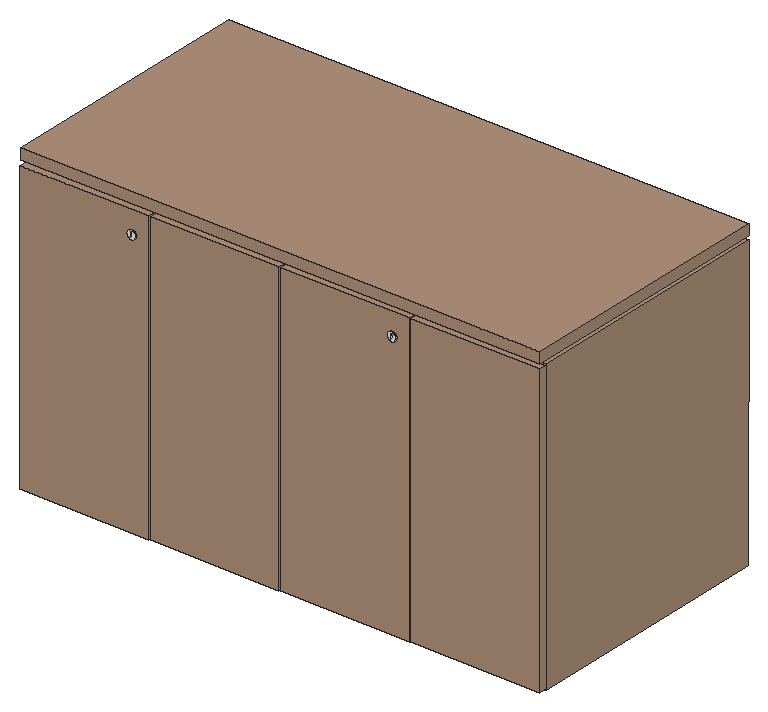
Revit family "Returns_&_Credenzas-Teknion-B_ZFS_Credenza_With_Doors-R2019", category Furniture, Revit 2019
Family settings
  OmniClass Number = 23.40.20.00
  OmniClass Title = General Furniture and Specialties
  Work Plane-Based = No
  Always vertical = Yes
  Cut with Voids When Loaded = No
  Shared = Yes
  Room Calculation Point = No
Parameters (values of type "1" Worksurface Thickness, Touch-to-Open")
  Worksurface Thickness = 1.016"
  Worksurface Finish [instance] = Source Laminate - Teknion - 3M - Provincial Oak
  Width [instance] = 48.000"
  Warranty = "http://www.teknion.com/ca/papers/legal-canada"
  Unit Weight URL = "http://www.teknion.com/ca/tools/assets#&asset=bee6a381-b954-425e-8283-5a2de3a804f2,f828d448-4b62-4231-9e5f-9a8991c0ed77"
  URL = "www.teknion.com"
  Touch Open = not(Pulls)  # yes
  To render please download texture images found here [instance] = "https://assets.teknion.com/web/5e81352c1dfdb467/revit-material-swatches/"
  Sustainability Data = "https://www.teknion.com/ca/tools/assets#&topic=216f99a5-57a0-44fc-b10a-9dee9b29ae4c&asset=444deb64-fe58-4b68-981e-f75e97781df7,b4ff2d81-9f2e-437d-9659-7cffb09c31cf"
  Series = "Expansion Casegoods"  # constant formula
  Rectangular Grommet [instance] = no
  Pulls = no
  Pull Finish [instance] = Paint - Teknion - Mica - Platinum
  Product Page URL = "https://www.teknion.com/ca/products/product-details?productlineid=0053336e-8e7a-673b-a6c8-ff00004460c4"
  Product Line = "Expansion Casegoods"  # constant formula
  Product Documentation Link = "https://www.teknion.com/pricing/expansion-casegoods/pdfs/B_ZFS_ppg.pdf"
  Part Number = "B_ZFS"
  No Grommet Option [instance] = yes
  Model = "BDZFST_____"
  Manufacturer Phone = "416-661-3370"  # constant formula
  Manufacturer Fax = "416.661.4586"  # constant formula
  Manufacturer Contact Information = "http://www.teknion.com/ca/contactus"
  Manufacturer Address = "1150 Flint Road, Toronto, ON. M3J 2J5. Canada"  # constant formula
  Manufacturer = "Teknion"  # constant formula
  How To Use Teknion Materials User Guide [instance] = "https://assets.teknion.com/m/205dd0a49fa58060/original/How-to-add-a-Material-Library-and-Texture-Images-to-your-Revit-project.pdf"
  Grommet Options [instance] = "Select one of the options below"  # constant formula
  Grommet Finish [instance] = Paint - Teknion - Mica - Platinum
  For Additional Finishes please visit [instance] = "https://assets.teknion.com/m/44a8009b046e5d47/original/Teknion_Materials_Library.zip"
  Elliptical Grommet [instance] = no
  Door Front Finish [instance] = Source Laminate - Teknion - 3M - Provincial Oak
  Description = "Credenza with Doors, 1\" Worksurface Depth, Touch-to-Open"
  Depth [instance] = 24.000"
  Case Finish [instance] = Source Laminate - Teknion - 3M - Provincial Oak
  Back Grommet [instance] = not(No Grommet Option)  # no
  Available Widths [instance] = "48\", 54\", 60\", 66\", 72\", 78\", or 84\""  # constant formula
  Available Depths [instance] = "18\", or 24\""  # constant formula
  Assembly Code = "E2020200"
  Actual Width [instance] = if(Width = 48.000", 47.760", if(Width = 54.000", 53.728", if(Width = 60.000", 59.701", if(Width = 66.000", 65.669", if(Width = 72.000", 71.642", if(Width = 78.000", 77.610", 83.579"))))))  # 47.760"
  6 Pulls [instance] = and(Pulls, [6 Doors])  # no
  6 Doors [instance] = not([4 Doors])  # no
  4 Pulls [instance] = and(Pulls, [4 Doors])  # no
  4 Doors [instance] = not(or(Width = 78.000", Width = 84.000"))  # yes
Types (7): name | Worksurface Thickness | Width | Touch Open | Pulls | Model | Description | Depth | Actual Width | 6 Pulls | 6 Doors | 4 Pulls | 4 Doors
  (no name) | 1.016" | 48.000" | yes | no | "BDZFST_____" | "Credenza with Doors, 1\" Worksurface Depth, Touch-to-Open" | 24.000" | 47.760" | no | no | no | yes
  1" Worksurface Thickness, Pulls | 1.016" | 84.000" | no | yes | "BDZFSP_____" | "Credenza with Doors, 1\" Worksurface Thickness, Pulls" | 24.000" | 83.579" | yes | yes | no | no
  1" Worksurface Thickness, Touch-to-Open | 1.016" | 48.000" | yes | no | "BDZFST_____" | "Credenza with Doors, 1\" Worksurface Depth, Touch-to-Open" | 24.000" | 47.760" | no | no | no | yes
  1 3/16" Worksurface Thickness, Pulls | 1.189" | 48.000" | no | yes | "BMZFSP_____" | "Credenza with Doors, 1 3/16\" Worksurface Thickness, Pulls" | 18.000" | 47.760" | no | no | yes | yes
  1 3/16" Worksurface Thickness, Touch-to-Open | 1.189" | 84.000" | yes | no | "BMZFST_____" | "Credenza with Doors, 1 3/16\" Worksurface Thickness, Touch-to-Open" | 24.000" | 83.579" | no | yes | no | no
  1 9/16" Worksurface Thickness, Pulls | 1.555" | 84.000" | no | yes | "BXZFSP_____" | "Credenza with Doors, 1 9/16\" Worksurface Thickness, Pulls" | 24.000" | 83.579" | yes | yes | no | no
  1 9/16" Worksurface Thickness, Touch-to-Open | 1.555" | 84.000" | yes | no | "BXZFST_____" | "Credenza with Doors, 1 9/16\" Worksurface Thickness, Touch-to-Open" | 24.000" | 83.579" | no | yes | no | no
Reference planes (in)
  plane 1 "Center Front/Back": y = 0
  plane 2: z = 0
  plane 3 "Center Left/Right": x = 0
  plane 4 "Left": x = -23.88
  plane 5 "Right": x = 23.88
  plane 6 "Back": y = 12
  plane 7 "Front": y = -12
  plane 8 "Top": z = 28.823
  plane 9: x = -11.9695
  plane 10: x = 11.9695
  plane 11: x = -7.97967
  plane 12: x = 7.97967
  plane 13: x = 15.95933
  plane 14: x = -15.95933
  plane 15: x = -23.939
  plane 16: x = 23.939
  plane 17: z = 27.807
Forms (in)
  Sweep 1, solid
    path origin (0, 0, 0) x (1, 0, 0) y (0, 0, 1)
      loop
        line (0, 0.60236) -> (0, 0)
    profile origin (0, 0, 0.30118) x (0, -1, 0) y (1, 0, 0)
      loop
        circle (10.37402, -22.62003) r 0.5
      loop
        circle (-10.70079, -22.62003) r 0.5
      loop
        circle (10.37402, 22.62003) r 0.5
      loop
        circle (-10.70079, 22.62003) r 0.5
      loop
        circle (10.37402, 0) r 0.5
      loop
        circle (-10.70079, 0) r 0.5
  Sweep 2, solid, material "Source Laminate - Teknion - 3M - Provincial Oak" <- "Case Finish"
    path origin (0, 0, 0) x (1, 0, 0) y (0, 0, 1)
      loop
        line (0, 0.60236) -> (0, 27.48031)
    profile origin (0, 0, 14.04134) x (-1, 0, 0) y (0, -1, 0)
      loop
        line (-23.88, 11.16142) -> (-23.88, -12) -> (23.88, -12) -> (23.88, 11.16142) -> (-23.88, 11.16142)
  Sweep 3, solid, material "Source Laminate - Teknion - 3M - Provincial Oak" <- "Case Finish"
    path origin (0, 0, 0) x (1, 0, 0) y (0, 0, 1)
      loop
        line (0, 27.48031) -> (0, 27.80709)
    profile origin (0, 0, 27.6437) x (-1, 0, 0) y (0, -1, 0)
      loop
        line (23.17908, -11.29921) -> (23.17908, 11.29921) -> (-23.17908, 11.29921) -> (-23.17908, -11.29921) -> (23.17908, -11.29921)
  Sweep 4, solid, material "Source Laminate - Teknion - 3M - Provincial Oak" <- "Door Front Finish", visible <- "6 Doors"
    path origin (0, 0, 0) x (1, 0, 0) y (0, 1, 0)
      loop
        line (0, -12) -> (0, -11.29921)
    profile origin (0, -11.64961, 0) x (-1, 0, 0) y (0, 0, 1)
      loop
        line (23.88, 27.36221) -> (16.01834, 27.36221) -> (16.01834, 0.72047) -> (23.88, 0.72047) -> (23.88, 27.36221)
      loop
        line (15.90023, 0.72047) -> (15.90023, 27.36221) -> (8.0387, 27.36221) -> (8.0387, 0.72047) -> (15.90023, 0.72047)
      loop
        line (7.92059, 27.36221) -> (0.05906, 27.36221) -> (0.05906, 0.72047) -> (7.92059, 0.72047) -> (7.92059, 27.36221)
      loop
        line (-23.88, 27.36221) -> (-23.88, 0.72047) -> (-16.01834, 0.72047) -> (-16.01834, 27.36221) -> (-23.88, 27.36221)
      loop
        line (-15.90023, 0.72047) -> (-8.0387, 0.72047) -> (-8.0387, 27.36221) -> (-15.90023, 27.36221) -> (-15.90023, 0.72047)
      loop
        line (-7.92059, 27.36221) -> (-7.92059, 0.72047) -> (-0.05906, 0.72047) -> (-0.05906, 27.36221) -> (-7.92059, 27.36221)
  Sweep 5, solid, material "Source Laminate - Teknion - 3M - Provincial Oak" <- "Worksurface Finish"
    path origin (0, 0, 0) x (1, 0, 0) y (0, 0, 1)
      loop
        line (0, 27.807) -> (0, 28.823)
    profile origin (0, 0, 28.315) x (-1, 0, 0) y (0, -1, 0)
      loop
        line (23.88, -12) -> (23.88, 12) -> (-23.88, 12) -> (-23.88, -12) -> (23.88, -12)
  Sweep 6, solid, material "Paint - Teknion - Mica - Platinum" <- "Pull Finish", visible <- "6 Pulls"
    path origin (0, 0, 0) x (1, 0, 0) y (0, 0, 1)
      loop
        line (0, 26.84252) -> (0, 27.34252)
    profile origin (0, 0, 27.09252) x (-1, 0, 0) y (0, -1, 0)
      loop
        line (19.35928, 12) -> (19.35928, 12.75197) -> (16.0774, 12.75197) -> (16.0774, 12) -> (19.35928, 12)
      loop
        line (15.84118, 12) -> (15.84118, 12.75197) -> (12.55928, 12.75197) -> (12.55928, 12) -> (15.84118, 12)
      loop
        line (3.39995, 12) -> (3.39995, 12.75197) -> (0.11806, 12.75197) -> (0.11806, 12) -> (3.39995, 12)
      loop
        line (-0.11816, 12) -> (-0.11816, 12.75197) -> (-3.40005, 12.75197) -> (-3.40005, 12) -> (-0.11816, 12)
      loop
        line (-12.55938, 12) -> (-12.55938, 12.75197) -> (-15.84127, 12.75197) -> (-15.84127, 12) -> (-12.55938, 12)
      loop
        line (-16.07749, 12) -> (-16.07749, 12.75197) -> (-19.35938, 12.75197) -> (-19.35938, 12) -> (-16.07749, 12)
  Sweep 7, solid, material "Metal - Teknion - C6 - Chrome", visible <- "6 Doors"
    path origin (0, 0, 0) x (1, 0, 0) y (0, 1, 0)
      loop
        line (0, -12.05905) -> (0, -12)
    profile origin (0, -12.02953, 0) x (-1, 0, 0) y (0, 0, 1)
      loop
        circle (17.59314, 25.31496) r 0.3937
      loop
        line (17.64236, 25.50197) -> (17.54393, 25.50197) -> (17.54393, 25.12795) -> (17.64236, 25.12795) -> (17.64236, 25.50197)
      loop
        circle (1.63381, 25.31496) r 0.3937
      loop
        line (1.68302, 25.50197) -> (1.5846, 25.50197) -> (1.5846, 25.12795) -> (1.68302, 25.12795) -> (1.68302, 25.50197)
      loop
        circle (-14.32552, 25.31496) r 0.3937
      loop
        line (-14.27631, 25.50197) -> (-14.37474, 25.50197) -> (-14.37474, 25.12795) -> (-14.27631, 25.12795) -> (-14.27631, 25.50197)
  Sweep 8, solid, material "Paint - Teknion - Mica - Platinum" <- "Pull Finish", visible <- "4 Pulls"
    path origin (0, 0, 0) x (1, 0, 0) y (0, 0, 1)
      loop
        line (0, 26.84252) -> (0, 27.34252)
    profile origin (0, 0, 27.09252) x (-1, 0, 0) y (0, -1, 0)
      loop
        line (8.56949, 12.75197) -> (8.56949, 12) -> (11.85138, 12) -> (11.85138, 12.75197) -> (8.56949, 12.75197)
      loop
        line (12.0876, 12.75197) -> (12.0876, 12) -> (15.36949, 12) -> (15.36949, 12.75197) -> (12.0876, 12.75197)
      loop
        line (-8.56949, 12.75197) -> (-11.85138, 12.75197) -> (-11.85138, 12) -> (-8.56949, 12) -> (-8.56949, 12.75197)
      loop
        line (-12.0876, 12.75197) -> (-15.36949, 12.75197) -> (-15.36949, 12) -> (-12.0876, 12) -> (-12.0876, 12.75197)
  Sweep 9, solid, material "Source Laminate - Teknion - 3M - Provincial Oak" <- "Door Front Finish", visible <- "4 Doors"
    path origin (0, 0, 0) x (1, 0, 0) y (0, 1, 0)
      loop
        line (0, -12) -> (0, -11.29921)
    profile origin (0, -11.64961, 0) x (-1, 0, 0) y (0, 0, 1)
      loop
        line (23.88, 27.36221) -> (12.02854, 27.36221) -> (12.02854, 0.72047) -> (23.88, 0.72047) -> (23.88, 27.36221)
      loop
        line (11.91043, 27.36221) -> (0.05906, 27.36221) -> (0.05906, 0.72047) -> (11.91043, 0.72047) -> (11.91043, 27.36221)
      loop
        line (-23.88, 27.36221) -> (-23.88, 0.72047) -> (-12.02854, 0.72047) -> (-12.02854, 27.36221) -> (-23.88, 27.36221)
      loop
        line (-11.91043, 27.36221) -> (-11.91043, 0.72047) -> (-0.05906, 0.72047) -> (-0.05906, 27.36221) -> (-11.91043, 27.36221)
  Sweep 10, solid, material "Metal - Teknion - C6 - Chrome", visible <- "4 Doors"
    path origin (0, 0, 0) x (1, 0, 0) y (0, 1, 0)
      loop
        line (0, -12.05905) -> (0, -12)
    profile origin (0, -12.02953, 0) x (-1, 0, 0) y (0, 0, 1)
      loop
        circle (13.60335, 25.31496) r 0.3937
      loop
        line (13.65256, 25.50197) -> (13.55413, 25.50197) -> (13.55413, 25.12795) -> (13.65256, 25.12795) -> (13.65256, 25.50197)
      loop
        circle (-10.33563, 25.31496) r 0.3937
      loop
        line (-10.28642, 25.50197) -> (-10.38484, 25.50197) -> (-10.38484, 25.12795) -> (-10.28642, 25.12795) -> (-10.28642, 25.50197)
  Sweep 11, solid, material "Paint - Teknion - Mica - Platinum" <- "Grommet Finish", visible <- "Rectangular Grommet"
    path origin (0, 0, 0) x (1, 0, 0) y (0, 0, 1)
      loop
        line (0, 28.98031) -> (0, 28.823)
    profile origin (0, 0, 28.90166) x (0, -1, 0) y (1, 0, 0)
      loop
        line (-10.10707, -18.40094) -> (-7.26301, -18.40094) -> (-7.26301, -15.55271) -> (-10.10707, -15.55271) -> (-10.10707, -18.40094)
      loop
        line (-10.10707, 19.3588) -> (-7.26301, 19.3588) -> (-7.26301, 22.20703) -> (-10.10707, 22.20703) -> (-10.10707, 19.3588)
  Sweep 12, solid, material "Paint - Teknion - Mica - Platinum" <- "Grommet Finish", visible <- "Rectangular Grommet"
    path origin (0, 0, 0) x (1, 0, 0) y (0, 0, 1)
      loop
        line (0, 28.82309) -> (0, 28.98031)
    profile origin (0, 0, 28.9017) x (-1, 0, 0) y (0, -1, 0)
      loop
        line (22.20703, -10.10707) -> (22.20703, -7.26301) -> (18.40094, -7.26301) -> (18.40094, -8.47237) -> (20.67955, -8.47237) -> (20.67955, -8.89771) -> (18.40094, -8.89771) -> (18.40094, -10.10707) -> (22.20703, -10.10707)
      loop
        line (-15.55271, -10.10707) -> (-15.55271, -7.26301) -> (-19.3588, -7.26301) -> (-19.3588, -8.47237) -> (-17.08019, -8.47237) -> (-17.08019, -8.89771) -> (-19.3588, -8.89771) -> (-19.3588, -10.10707) -> (-15.55271, -10.10707)
  Sweep 13, solid, material "Paint - Teknion - Mica - Platinum" <- "Grommet Finish", visible <- "Elliptical Grommet"
    path origin (0, 0, 0) x (1, 0, 0) y (0, 0, 1)
      loop
        line (0, 28.94784) -> (0, 28.823)
    profile origin (0, 0, 28.88542) x (0, -1, 0) y (1, 0, 0)
      loop
        spline (-8.68504, -16.01365) -> (-9.00856, -16.11132) -> (-9.31004, -16.39767) -> (-9.56892, -16.85318) -> (-9.76757, -17.44682) -> (-9.89245, -18.13813) -> (-9.93504, -18.88) -> (-9.89245, -19.62187) -> (-9.76757, -20.31318) -> (-9.56892, -20.90682) -> (-9.31004, -21.36233) -> (-9.00856, -21.64868) -> (-8.68504, -21.74635)
        spline (-8.68504, -21.74635) -> (-8.36152, -21.64868) -> (-8.06004, -21.36233) -> (-7.80116, -20.90682) -> (-7.60251, -20.31318) -> (-7.47763, -19.62187) -> (-7.43504, -18.88) -> (-7.47763, -18.13813) -> (-7.60251, -17.44682) -> (-7.80116, -16.85318) -> (-8.06004, -16.39767) -> (-8.36152, -16.11132) -> (-8.68504, -16.01365)
      loop
        line (-8.26293, -19.52947) -> (-7.89191, -20.77428) -> (-7.6194, -19.52119) -> (-7.6194, -18.23881) -> (-7.89191, -16.98572) -> (-8.26293, -18.23053) -> (-8.26293, -19.52947)
      loop
        line (-9.47817, -20.77428) -> (-9.10715, -19.52947) -> (-9.10715, -18.23053) -> (-9.47817, -16.98572) -> (-9.75068, -18.23881) -> (-9.75068, -19.52119) -> (-9.47817, -20.77428)
      loop
        spline (-8.68504, 16.01365) -> (-8.36152, 16.11132) -> (-8.06004, 16.39767) -> (-7.80116, 16.85318) -> (-7.60251, 17.44682) -> (-7.47763, 18.13813) -> (-7.43504, 18.88) -> (-7.47763, 19.62187) -> (-7.60251, 20.31318) -> (-7.80116, 20.90682) -> (-8.06004, 21.36233) -> (-8.36152, 21.64868) -> (-8.68504, 21.74635)
        spline (-8.68504, 21.74635) -> (-9.00856, 21.64868) -> (-9.31004, 21.36233) -> (-9.56892, 20.90682) -> (-9.76757, 20.31318) -> (-9.89245, 19.62187) -> (-9.93504, 18.88) -> (-9.89245, 18.13813) -> (-9.76757, 17.44682) -> (-9.56892, 16.85318) -> (-9.31004, 16.39767) -> (-9.00856, 16.11132) -> (-8.68504, 16.01365)
      loop
        line (-8.26293, 19.52947) -> (-8.26293, 18.23053) -> (-7.89191, 16.98572) -> (-7.6194, 18.23881) -> (-7.6194, 19.52119) -> (-7.89191, 20.77428) -> (-8.26293, 19.52947)
      loop
        line (-9.47817, 20.77428) -> (-9.75068, 19.52119) -> (-9.75068, 18.23881) -> (-9.47817, 16.98572) -> (-9.10715, 18.23053) -> (-9.10715, 19.52947) -> (-9.47817, 20.77428)
  Sweep 14, solid, material "Paint - Teknion - Mica - Platinum" <- "Grommet Finish", visible <- "Back Grommet"
    path origin (0, 0, 0) x (1, 0, 0) y (0, 1, 0)
      loop
        line (-19.42908, 12) -> (-19.42908, 12.125)
    profile origin (-19.42908, 12.0625, 0) x (-1, 0, 0) y (0, 0, 1)
      loop
        spline (-36.14336, 22.0315) -> (-36.24103, 22.33647) -> (-36.52738, 22.62065) -> (-36.9829, 22.86469) -> (-37.57654, 23.05194) -> (-38.26785, 23.16966) -> (-39.00971, 23.20981) -> (-39.75158, 23.16966) -> (-40.44289, 23.05194) -> (-41.03653, 22.86469) -> (-41.49205, 22.62065) -> (-41.7784, 22.33647) -> (-41.87607, 22.0315)
        spline (-41.87607, 22.0315) -> (-41.7784, 21.72653) -> (-41.49205, 21.44234) -> (-41.03653, 21.1983) -> (-40.44289, 21.01105) -> (-39.75158, 20.89334) -> (-39.00971, 20.85319) -> (-38.26785, 20.89334) -> (-37.57654, 21.01105) -> (-36.9829, 21.1983) -> (-36.52738, 21.44234) -> (-36.24103, 21.72653) -> (-36.14336, 22.0315)
      loop
        arc (-40.904, 22.82462) -> (-39.00971, 22.45281) -> (-37.11543, 22.82462) r 5.01138
        arc (-37.11543, 22.82462) -> (-39.00971, 23.09809) -> (-40.904, 22.82462) r 6.6976
      loop
        arc (-40.904, 21.23837) -> (-39.00971, 20.96434) -> (-37.11543, 21.23837) r 6.68426
        arc (-37.11543, 21.23837) -> (-39.00971, 21.61052) -> (-40.904, 21.23837) r 5.0071
      loop
        spline (-2.71465, 22.0315) -> (-2.61698, 21.72653) -> (-2.33063, 21.44234) -> (-1.87511, 21.1983) -> (-1.28147, 21.01105) -> (-0.59016, 20.89334) -> (0.1517, 20.85319) -> (0.89357, 20.89334) -> (1.58488, 21.01105) -> (2.17852, 21.1983) -> (2.63404, 21.44234) -> (2.92039, 21.72653) -> (3.01806, 22.0315)
        spline (3.01806, 22.0315) -> (2.92039, 22.33647) -> (2.63404, 22.62065) -> (2.17852, 22.86469) -> (1.58488, 23.05194) -> (0.89357, 23.16966) -> (0.1517, 23.20981) -> (-0.59016, 23.16966) -> (-1.28147, 23.05194) -> (-1.87511, 22.86469) -> (-2.33063, 22.62065) -> (-2.61698, 22.33647) -> (-2.71465, 22.0315)
      loop
        arc (-1.74258, 22.82462) -> (0.1517, 22.45361) -> (2.04599, 22.82462) r 5.02133
        arc (2.04599, 22.82462) -> (0.1517, 23.09714) -> (-1.74258, 22.82462) r 6.71998
      loop
        arc (-1.74258, 21.23837) -> (0.1517, 20.96586) -> (2.04599, 21.23837) r 6.71998
        arc (2.04599, 21.23837) -> (0.1517, 21.60938) -> (-1.74258, 21.23837) r 5.02133
Lines and regions (in)
  Masking region 1
    outline origin (0, 0, 0) x (1, 0, 0) y (0, 1, 0)
      loop
        line (-23.88, 12) -> (-23.88, -12) -> (23.88, -12) -> (23.88, 12) -> (-23.88, 12)
  Masking region 2, visible <- "6 Pulls"
    outline origin (0, 0, 0) x (1, 0, 0) y (0, 1, 0)
      loop
        line (15.84127, -12) -> (12.55938, -12) -> (12.55938, -12.75197) -> (15.84127, -12.75197) -> (15.84127, -12)
      loop
        line (16.07749, -12.75197) -> (19.35938, -12.75197) -> (19.35938, -12) -> (16.07749, -12) -> (16.07749, -12.75197)
      loop
        line (0.11816, -12.75197) -> (3.40005, -12.75197) -> (3.40005, -12) -> (0.11816, -12) -> (0.11816, -12.75197)
      loop
        line (-3.39995, -12.75197) -> (-0.11806, -12.75197) -> (-0.11806, -12) -> (-3.39995, -12) -> (-3.39995, -12.75197)
      loop
        line (-19.35928, -12.75197) -> (-16.0774, -12.75197) -> (-16.0774, -12) -> (-19.35928, -12) -> (-19.35928, -12.75197)
      loop
        line (-15.84118, -12.75197) -> (-12.55928, -12.75197) -> (-12.55928, -12) -> (-15.84118, -12) -> (-15.84118, -12.75197)
  Masking region 3, visible <- "4 Pulls"
    outline origin (0, 0, 0) x (1, 0, 0) y (0, 1, 0)
      loop
        line (-15.36949, -12.75197) -> (-12.0876, -12.75197) -> (-12.0876, -12) -> (-15.36949, -12) -> (-15.36949, -12.75197)
      loop
        line (-11.85138, -12.75197) -> (-8.56949, -12.75197) -> (-8.56949, -12) -> (-11.85138, -12) -> (-11.85138, -12.75197)
      loop
        line (8.56949, -12.75197) -> (11.85138, -12.75197) -> (11.85138, -12) -> (8.56949, -12) -> (8.56949, -12.75197)
      loop
        line (12.0876, -12.75197) -> (15.36949, -12.75197) -> (15.36949, -12) -> (12.0876, -12) -> (12.0876, -12.75197)
  Masking region 4, visible <- "Rectangular Grommet"
    outline origin (0, 0, 0) x (1, 0, 0) y (0, 1, 0)
      loop
        line (15.55271, 10.10707) -> (15.55271, 7.26301) -> (19.3588, 7.26301) -> (19.3588, 8.47237) -> (17.08019, 8.47237) -> (17.08019, 8.89771) -> (19.3588, 8.89771) -> (19.3588, 10.10707) -> (15.55271, 10.10707)
      loop
        line (-22.20703, 10.10707) -> (-22.20703, 7.26301) -> (-18.40094, 7.26301) -> (-18.40094, 8.47237) -> (-20.67955, 8.47237) -> (-20.67955, 8.89771) -> (-18.40094, 8.89771) -> (-18.40094, 10.10707) -> (-22.20703, 10.10707)
  Masking region 5, visible <- "Rectangular Grommet"
    outline origin (0, 0, 0) x (1, 0, 0) y (0, 1, 0)
      loop
        line (-18.40094, 7.26301) -> (-15.55271, 7.26301) -> (-15.55271, 10.10707) -> (-18.40094, 10.10707) -> (-18.40094, 7.26301)
      loop
        line (22.20703, 7.26301) -> (22.20703, 10.10707) -> (19.3588, 10.10707) -> (19.3588, 7.26301) -> (22.20703, 7.26301)
  Masking region 6, visible <- "Elliptical Grommet"
    outline origin (0, 0, 0) x (1, 0, 0) y (0, 1, 0)
      loop
        spline (-16.01365, 8.68504) -> (-16.11132, 9.00856) -> (-16.39767, 9.31004) -> (-16.85318, 9.56892) -> (-17.44682, 9.76757) -> (-18.13813, 9.89245) -> (-18.88, 9.93504) -> (-19.62187, 9.89245) -> (-20.31318, 9.76757) -> (-20.90682, 9.56892) -> (-21.36233, 9.31004) -> (-21.64868, 9.00856) -> (-21.74635, 8.68504)
        spline (-21.74635, 8.68504) -> (-21.64868, 8.36152) -> (-21.36233, 8.06004) -> (-20.90682, 7.80116) -> (-20.31318, 7.60251) -> (-19.62187, 7.47763) -> (-18.88, 7.43504) -> (-18.13813, 7.47763) -> (-17.44682, 7.60251) -> (-16.85318, 7.80116) -> (-16.39767, 8.06004) -> (-16.11132, 8.36152) -> (-16.01365, 8.68504)
      loop
        spline (16.01365, 8.68504) -> (16.11132, 8.36152) -> (16.39767, 8.06004) -> (16.85318, 7.80116) -> (17.44682, 7.60251) -> (18.13813, 7.47763) -> (18.88, 7.43504) -> (19.62187, 7.47763) -> (20.31318, 7.60251) -> (20.90682, 7.80116) -> (21.36233, 8.06004) -> (21.64868, 8.36152) -> (21.74635, 8.68504)
        spline (21.74635, 8.68504) -> (21.64868, 9.00856) -> (21.36233, 9.31004) -> (20.90682, 9.56892) -> (20.31318, 9.76757) -> (19.62187, 9.89245) -> (18.88, 9.93504) -> (18.13813, 9.89245) -> (17.44682, 9.76757) -> (16.85318, 9.56892) -> (16.39767, 9.31004) -> (16.11132, 9.00856) -> (16.01365, 8.68504)
      loop
        line (18.23053, 9.10715) -> (19.52947, 9.10715) -> (20.77428, 9.47817) -> (19.52119, 9.75068) -> (18.23881, 9.75068) -> (16.98572, 9.47817) -> (18.23053, 9.10715)
      loop
        line (16.98572, 7.89191) -> (18.23881, 7.6194) -> (19.52119, 7.6194) -> (20.77428, 7.89191) -> (19.52947, 8.26293) -> (18.23053, 8.26293) -> (16.98572, 7.89191)
      loop
        line (-19.52947, 9.10715) -> (-18.23053, 9.10715) -> (-16.98572, 9.47817) -> (-18.23881, 9.75068) -> (-19.52119, 9.75068) -> (-20.77428, 9.47817) -> (-19.52947, 9.10715)
      loop
        line (-20.77428, 7.89191) -> (-19.52119, 7.6194) -> (-18.23881, 7.6194) -> (-16.98572, 7.89191) -> (-18.23053, 8.26293) -> (-19.52947, 8.26293) -> (-20.77428, 7.89191)
  Masking region 7, visible <- "Back Grommet"
    outline origin (0, 0, 0) x (1, 0, 0) y (0, 1, 0)
      loop
        line (-22.44714, 12.125) -> (-22.44714, 12) -> (-16.71397, 12) -> (-16.71397, 12.125) -> (-22.44714, 12.125)
      loop
        line (22.44698, 12.125) -> (16.71428, 12.125) -> (16.71428, 12) -> (22.44698, 12) -> (22.44698, 12.125)
  symbolic lines, style "FurnitureHiddenLines", detail levels medium+fine
    curve 1: line (-23.17908, 11.29921, 0) -> (-23.17908, -11.29921, 0)
    curve 2: line (23.17908, -11.29921, 0) -> (23.17908, 11.29921, 0)
    curve 3: line (23.17908, 11.29921, 0) -> (-23.17908, 11.29921, 0)
    curve 4: line (-23.88, -11.16142, 0) -> (23.88, -11.16142, 0)
  symbolic lines, style "FurnitureHiddenLines", detail levels fine
    curve 5: arc (-22.62003, -10.87402, 0) -> (-22.12003, -10.37402, 0) -> (-22.62003, -9.87402, 0) r 0.5
    curve 6: arc (-22.62003, -9.87402, 0) -> (-23.12003, -10.37402, 0) -> (-22.62003, -10.87402, 0) r 0.5
    curve 7: arc (-22.62003, 10.20079, 0) -> (-22.12003, 10.70079, 0) -> (-22.62003, 11.20079, 0) r 0.5
    curve 8: arc (-22.62003, 11.20079, 0) -> (-23.12003, 10.70079, 0) -> (-22.62003, 10.20079, 0) r 0.5
    curve 9: arc (0, 11.20079, 0) -> (-0.5, 10.70079, 0) -> (0, 10.20079, 0) r 0.5
    curve 10: arc (0, 10.20079, 0) -> (0.5, 10.70079, 0) -> (0, 11.20079, 0) r 0.5
    curve 11: arc (0, -10.87402, 0) -> (0.5, -10.37402, 0) -> (0, -9.87402, 0) r 0.5
    curve 12: arc (0, -9.87402, 0) -> (-0.5, -10.37402, 0) -> (0, -10.87402, 0) r 0.5
    curve 13: arc (22.62003, 11.20079, 0) -> (22.12003, 10.70079, 0) -> (22.62003, 10.20079, 0) r 0.5
    curve 14: arc (22.62003, 10.20079, 0) -> (23.12003, 10.70079, 0) -> (22.62003, 11.20079, 0) r 0.5
    curve 15: arc (22.62003, -9.87402, 0) -> (22.12003, -10.37402, 0) -> (22.62003, -10.87402, 0) r 0.5
    curve 16: arc (22.62003, -10.87402, 0) -> (23.12003, -10.37402, 0) -> (22.62003, -9.87402, 0) r 0.5
  symbolic lines, style "FurnitureHiddenLines", visible <- "6 Doors", detail levels medium+fine
    curve 17: line (-16.01834, -11.29921, 0) -> (-23.88, -11.29921, 0)
    curve 18: line (-23.88, -11.29921, 0) -> (-23.88, -12, 0)
    curve 19: line (-23.88, -12, 0) -> (-16.01834, -12, 0)
    curve 20: line (-16.01834, -12, 0) -> (-16.01834, -11.29921, 0)
    curve 21: line (-8.0387, -11.29921, 0) -> (-15.90023, -11.29921, 0)
    curve 22: line (-15.90023, -11.29921, 0) -> (-15.90023, -12, 0)
    curve 23: line (-15.90023, -12, 0) -> (-8.0387, -12, 0)
    curve 24: line (-8.0387, -12, 0) -> (-8.0387, -11.29921, 0)
    curve 25: line (-0.05906, -11.29921, 0) -> (-7.92059, -11.29921, 0)
    curve 26: line (-7.92059, -11.29921, 0) -> (-7.92059, -12, 0)
    curve 27: line (-7.92059, -12, 0) -> (-0.05906, -12, 0)
    curve 28: line (-0.05906, -12, 0) -> (-0.05906, -11.29921, 0)
    curve 29: line (0.05906, -12, 0) -> (7.92059, -12, 0)
    curve 30: line (7.92059, -12, 0) -> (7.92059, -11.29921, 0)
    curve 31: line (7.92059, -11.29921, 0) -> (0.05906, -11.29921, 0)
    curve 32: line (0.05906, -11.29921, 0) -> (0.05906, -12, 0)
    curve 33: line (15.90023, -11.29921, 0) -> (8.0387, -11.29921, 0)
    curve 34: line (8.0387, -11.29921, 0) -> (8.0387, -12, 0)
    curve 35: line (8.0387, -12, 0) -> (15.90023, -12, 0)
    curve 36: line (15.90023, -12, 0) -> (15.90023, -11.29921, 0)
    curve 37: line (23.88, -11.29921, 0) -> (16.01834, -11.29921, 0)
    curve 38: line (16.01834, -11.29921, 0) -> (16.01834, -12, 0)
    curve 39: line (16.01834, -12, 0) -> (23.88, -12, 0)
    curve 40: line (23.88, -12, 0) -> (23.88, -11.29921, 0)
  symbolic lines, style "FurnitureHiddenLines", visible <- "4 Doors", detail levels medium+fine
    curve 41: line (-12.02854, -11.29921, 0) -> (-23.88, -11.29921, 0)
    curve 42: line (-23.88, -11.29921, 0) -> (-23.88, -12, 0)
    curve 43: line (-23.88, -12, 0) -> (-12.02854, -12, 0)
    curve 44: line (-12.02854, -12, 0) -> (-12.02854, -11.29921, 0)
    curve 45: line (-0.05906, -11.29921, 0) -> (-11.91043, -11.29921, 0)
    curve 46: line (-11.91043, -11.29921, 0) -> (-11.91043, -12, 0)
    curve 47: line (-11.91043, -12, 0) -> (-0.05906, -12, 0)
    curve 48: line (-0.05906, -12, 0) -> (-0.05906, -11.29921, 0)
    curve 49: line (11.91043, -11.29921, 0) -> (0.05906, -11.29921, 0)
    curve 50: line (0.05906, -11.29921, 0) -> (0.05906, -12, 0)
    curve 51: line (0.05906, -12, 0) -> (11.91043, -12, 0)
    curve 52: line (11.91043, -12, 0) -> (11.91043, -11.29921, 0)
    curve 53: line (23.88, -11.29921, 0) -> (12.02854, -11.29921, 0)
    curve 54: line (12.02854, -11.29921, 0) -> (12.02854, -12, 0)
    curve 55: line (12.02854, -12, 0) -> (23.88, -12, 0)
    curve 56: line (23.88, -12, 0) -> (23.88, -11.29921, 0)
  reference lines
    curve 57: line (-23.88, 12, 0) -> (-23.88, -12, 0)
    curve 58: line (23.88, 12, 0) -> (23.88, -12, 0)
    curve 59: line (-23.88, 12, 0) -> (23.88, 12, 0)
    curve 60: line (-23.88, -12, 0) -> (23.88, -12, 0)
Dimensions and locks (in)
  "Actual Width": plane 4 "Left" to plane 5 "Right"
  "Depth": plane 6 "Back" to plane 7 "Front"
  "Worksurface Thickness": plane 8 "Top" to plane 17
  equal spacing: plane 6 "Back", plane 1 "Center Front/Back", plane 7 "Front"
  equal spacing: plane 4 "Left", plane 3 "Center Left/Right", plane 5 "Right"
  Sweep 1 sketch curve to Sweep 1 sketch curve to level = 0.60236" locked, 0.000" locked
  plane 4 "Left" to Sweep 1 sketch curve to Sweep 1 sketch curve = 1.25997" locked, 0.000" locked
  Sweep 1 sketch curve to Sweep 1 sketch curve to plane 5 "Right" = 0.000" locked, 1.25997" locked
  plane 3 "Center Left/Right" to Sweep 1 sketch curve to Sweep 1 sketch curve = 0.000" locked, 0.000" locked
  plane 6 "Back" to Sweep 1 sketch curve to Sweep 1 sketch curve to Sweep 1 sketch curve = 1.29921" locked, 0.000" locked, 0.000" locked
  plane 7 "Front" to Sweep 1 sketch curve to Sweep 1 sketch curve to Sweep 1 sketch curve = 1.62598" locked, 0.000" locked, 0.000" locked
  Sweep 2 sketch curve to Sweep 2 sketch curve to level = 26.87795" locked, 0.60236" locked
  locked: plane 7 "Front" to Sweep 2 sketch curve at 0.83858
  Sweep 3 sketch curve to Sweep 3 sketch curve to level = 0.32677" locked, 27.48031" locked
  Sweep 3 sketch curve to plane 5 "Right" = 0.70092"
  locked: plane 4 "Left" to Sweep 3 sketch curve at 0.70092
  locked: plane 6 "Back" to Sweep 3 sketch curve at 0.70079
  locked: plane 7 "Front" to Sweep 3 sketch curve at 0.70079
  equal spacing: plane 15, plane 9, plane 3 "Center Left/Right"
  equal spacing: plane 3 "Center Left/Right", plane 10, plane 16
  locked: plane 15 to plane 4 "Left" at 0.059
  locked: plane 5 "Right" to plane 16 at 0.059
  equal spacing: plane 15, plane 11, plane 12, plane 16
  equal spacing: plane 15, plane 14, plane 11
  equal spacing: plane 12, plane 13, plane 16
  plane 7 "Front" to Sweep 4 sketch curve to Sweep 4 sketch curve = 0.000" locked, 0.70079" locked
  Sweep 4 sketch curve to Sweep 4 sketch curve to Sweep 4 sketch curve to Sweep 4 sketch curve to Sweep 4 sketch curve to Sweep 4 sketch curve to Sweep 4 sketch curve to Sweep 4 sketch curve to Sweep 4 sketch curve to Sweep 4 sketch curve to Sweep 4 sketch curve to Sweep 4 sketch curve to level = 0.000" locked, 0.000" locked, 0.000" locked, 0.000" locked, 0.000" locked, 26.64173" locked, 0.000" locked, 0.000" locked, 0.000" locked, 0.000" locked, 0.000" locked, 0.72047" locked
  locked: plane 4 "Left" to Sweep 4 sketch curve at 0
  locked: plane 5 "Right" to Sweep 4 sketch curve at 0
  Sweep 4 sketch curve to plane 14 to Sweep 4 sketch curve = 0.0591" locked, 0.05901" locked
  Sweep 4 sketch curve to plane 11 to Sweep 4 sketch curve = 0.05908" locked, 0.05903" locked
  Sweep 4 sketch curve to plane 3 "Center Left/Right" to Sweep 4 sketch curve = 0.05906" locked, 0.05906" locked
  Sweep 4 sketch curve to plane 12 to Sweep 4 sketch curve = 0.05903" locked, 0.05908" locked
  Sweep 4 sketch curve to plane 13 to Sweep 4 sketch curve = 0.05901" locked, 0.0591" locked
  plane 8 "Top" to Sweep 3 = 1.01591"
  plane 8 "Top" to level = 28.823"
  level to Sweep 6 sketch curve to Sweep 6 sketch curve = 26.84252" locked, 0.500" locked
  Sweep 6 sketch curve to Sweep 6 sketch curve to plane 14 to Sweep 6 sketch curve to Sweep 6 sketch curve = 3.28189" locked, 0.11806" locked, 0.11816" locked, 3.28189" locked
  Sweep 6 sketch curve to Sweep 6 sketch curve to plane 3 "Center Left/Right" to Sweep 6 sketch curve to Sweep 6 sketch curve = 3.28189" locked, 0.11806" locked, 0.11816" locked, 3.28189" locked
  Sweep 6 sketch curve to Sweep 6 sketch curve to plane 13 to Sweep 6 sketch curve to Sweep 6 sketch curve = 3.28189" locked, 0.11806" locked, 0.11816" locked, 3.28189" locked
  Sweep 6 sketch curve to Sweep 6 sketch curve to Sweep 6 sketch curve to Sweep 6 sketch curve to Sweep 6 sketch curve to Sweep 6 sketch curve to plane 7 "Front" to Sweep 6 sketch curve to Sweep 6 sketch curve to Sweep 6 sketch curve to Sweep 6 sketch curve to Sweep 6 sketch curve to Sweep 6 sketch curve = 0.000" locked, 0.000" locked, 0.000" locked, 0.000" locked, 0.000" locked, 0.75197" locked, 0.000" locked, 0.000" locked, 0.000" locked, 0.000" locked, 0.000" locked, 0.000" locked
  Sweep 7 sketch curve to Sweep 7 sketch curve to plane 7 "Front" = 0.05905" locked, 0.000" locked
  Sweep 7 sketch curve to Sweep 7 sketch curve to Sweep 7 sketch curve to Sweep 7 sketch curve to Sweep 7 sketch curve to Sweep 7 sketch curve to Sweep 7 sketch curve to Sweep 7 sketch curve to Sweep 7 sketch curve to level = 0.000" locked, 0.000" locked, 0.18701" locked, 0.000" locked, 0.000" locked, 0.18701" locked, 0.000" locked, 0.000" locked, 25.12795" locked
  plane 14 to Sweep 7 sketch curve to Sweep 7 sketch curve to Sweep 7 sketch curve = 1.5846" locked, 0.04921" locked, 0.04921" locked
  plane 3 "Center Left/Right" to Sweep 7 sketch curve to Sweep 7 sketch curve to Sweep 7 sketch curve = 1.5846" locked, 0.04921" locked, 0.04921" locked
  plane 13 to Sweep 7 sketch curve to Sweep 7 sketch curve to Sweep 7 sketch curve = 1.5846" locked, 0.04921" locked, 0.04921" locked
  Sweep 8 sketch curve to Sweep 8 sketch curve to level = 0.500" locked, 26.84252" locked
  Sweep 8 sketch curve to Sweep 8 sketch curve to plane 9 to Sweep 8 sketch curve to Sweep 8 sketch curve = 3.28189" locked, 0.1181" locked, 0.11812" locked, 3.28189" locked
  Sweep 8 sketch curve to Sweep 8 sketch curve to plane 10 to Sweep 8 sketch curve to Sweep 8 sketch curve = 3.28189" locked, 0.11812" locked, 0.1181" locked, 3.28189" locked
  Sweep 8 sketch curve to Sweep 8 sketch curve to Sweep 8 sketch curve to Sweep 8 sketch curve to plane 7 "Front" to Sweep 8 sketch curve to Sweep 8 sketch curve to Sweep 8 sketch curve to Sweep 8 sketch curve = 0.000" locked, 0.000" locked, 0.000" locked, 0.75197" locked, 0.000" locked, 0.000" locked, 0.000" locked, 0.000" locked
  Sweep 9 sketch curve to Sweep 9 sketch curve to plane 7 "Front" = 0.70079" locked, 0.000" locked
  locked: plane 4 "Left" to Sweep 9 sketch curve at 0
  Sweep 9 sketch curve to plane 9 to Sweep 9 sketch curve = 0.05907" locked, 0.05904" locked
  Sweep 9 sketch curve to plane 3 "Center Left/Right" to Sweep 9 sketch curve = 0.05906" locked, 0.05906" locked
  Sweep 9 sketch curve to plane 10 to Sweep 9 sketch curve = 0.05904" locked, 0.05907" locked
  locked: Sweep 9 sketch curve to plane 5 "Right" at 0
  Sweep 9 sketch curve to Sweep 9 sketch curve to Sweep 9 sketch curve to Sweep 9 sketch curve to Sweep 9 sketch curve to Sweep 9 sketch curve to Sweep 9 sketch curve to Sweep 9 sketch curve to level = 0.000" locked, 0.000" locked, 0.000" locked, 26.64173" locked, 0.000" locked, 0.000" locked, 0.000" locked, 0.72047" locked
  Sweep 10 sketch curve to plane 7 "Front" to Sweep 10 sketch curve = 0.000" locked, 0.05905" locked
  Sweep 10 sketch curve to Sweep 10 sketch curve to Sweep 10 sketch curve to Sweep 10 sketch curve to Sweep 10 sketch curve to Sweep 10 sketch curve to level = 0.000" locked, 0.18701" locked, 0.000" locked, 0.18701" locked, 0.000" locked, 25.12795" locked
  plane 9 to Sweep 10 sketch curve to Sweep 10 sketch curve to Sweep 10 sketch curve = 1.58463" locked, 0.04921" locked, 0.04921" locked
  plane 10 to Sweep 10 sketch curve to Sweep 10 sketch curve to Sweep 10 sketch curve = 1.58466" locked, 0.04921" locked, 0.04921" locked
  Sweep 11 sketch curve to plane 8 "Top" to Sweep 11 sketch curve = 0.15731" locked, 0.000" locked
  plane 6 "Back" to Sweep 11 sketch curve to Sweep 11 sketch curve to Sweep 11 sketch curve to Sweep 11 sketch curve = 1.89293" locked, 0.000" locked, 2.84406" locked, 0.000" locked
  plane 4 "Left" to Sweep 11 sketch curve to Sweep 11 sketch curve = 5.47906" locked, 2.84823" locked
  Sweep 11 sketch curve to Sweep 11 sketch curve to plane 5 "Right" = 2.84823" locked, 1.67297" locked
  plane 6 "Back" to Masking region 4 sketch curve to Masking region 4 sketch curve to Masking region 4 sketch curve to Masking region 4 sketch curve to Masking region 4 sketch curve to Masking region 4 sketch curve to Masking region 4 sketch curve to Masking region 4 sketch curve = 1.89293" locked, 0.000" locked, 1.20936" locked, 0.000" locked, 0.42535" locked, 0.000" locked, 1.20936" locked, 0.000" locked
  Masking region 4 sketch curve to Masking region 4 sketch curve to Masking region 4 sketch curve to Masking region 4 sketch curve to plane 5 "Right" = 1.52748" locked, 2.2786" locked, 0.000" locked, 4.5212" locked
  plane 4 "Left" to Masking region 4 sketch curve to Masking region 4 sketch curve to Masking region 4 sketch curve to Masking region 4 sketch curve = 1.67297" locked, 1.52748" locked, 2.2786" locked, 0.000" locked
  Sweep 12 sketch curve to Sweep 12 sketch curve to plane 8 "Top" = 0.15723" locked, 0.00009" locked
  plane 6 "Back" to Sweep 12 sketch curve to Sweep 12 sketch curve to Sweep 12 sketch curve to Sweep 12 sketch curve to Sweep 12 sketch curve to Sweep 12 sketch curve to Sweep 12 sketch curve to Sweep 12 sketch curve = 1.89293" locked, 0.000" locked, 1.20936" locked, 0.000" locked, 0.42535" locked, 0.000" locked, 1.20936" locked, 0.000" locked
  plane 4 "Left" to Sweep 12 sketch curve to Sweep 12 sketch curve to Sweep 12 sketch curve to Sweep 12 sketch curve = 1.67297" locked, 1.52748" locked, 2.2786" locked, 0.000" locked
  Sweep 12 sketch curve to Sweep 12 sketch curve to Sweep 12 sketch curve to Sweep 12 sketch curve to plane 5 "Right" = 1.52748" locked, 2.2786" locked, 0.000" locked, 4.5212" locked
  Sweep 13 sketch curve to plane 8 "Top" to Sweep 13 sketch curve = 0.12484" locked, 0.000" locked
  plane 4 "Left" to Sweep 13 sketch curve to Sweep 13 sketch curve to Sweep 13 sketch curve to Sweep 13 sketch curve to Sweep 13 sketch curve to Sweep 13 sketch curve to Sweep 13 sketch curve to Sweep 13 sketch curve to Sweep 13 sketch curve to Sweep 13 sketch curve to Sweep 13 sketch curve to Sweep 13 sketch curve to Sweep 13 sketch curve = 3.10572" locked, 0.000" locked, 1.24482" locked, 0.000" locked, 0.00827" locked, 0.000" locked, 0.64119" locked, 0.64119" locked, 0.000" locked, 0.00827" locked, 0.000" locked, 1.24482" locked, 0.000" locked
  Sweep 13 sketch curve to Sweep 13 sketch curve to Sweep 13 sketch curve to Sweep 13 sketch curve to Sweep 13 sketch curve to Sweep 13 sketch curve to Sweep 13 sketch curve to Sweep 13 sketch curve to Sweep 13 sketch curve to Sweep 13 sketch curve to Sweep 13 sketch curve to Sweep 13 sketch curve to Sweep 13 sketch curve to plane 5 "Right" = 0.000" locked, 1.24482" locked, 0.000" locked, 0.00827" locked, 0.000" locked, 0.64119" locked, 0.64119" locked, 0.000" locked, 0.00827" locked, 0.000" locked, 1.24482" locked, 0.000" locked, 3.10572" locked
  plane 6 "Back" to Sweep 13 sketch curve to Sweep 13 sketch curve to Sweep 13 sketch curve to Sweep 13 sketch curve to Sweep 13 sketch curve to Sweep 13 sketch curve to Sweep 13 sketch curve to Sweep 13 sketch curve to Sweep 13 sketch curve to Sweep 13 sketch curve to Sweep 13 sketch curve to Sweep 13 sketch curve to Sweep 13 sketch curve to Sweep 13 sketch curve to Sweep 13 sketch curve to Sweep 13 sketch curve to Sweep 13 sketch curve to Sweep 13 sketch curve = 2.24932" locked, 0.000" locked, 0.27251" locked, 0.000" locked, 0.000" locked, 0.000" locked, 0.37101" locked, 0.000" locked, 0.42211" locked, 0.000" locked, 0.42211" locked, 0.000" locked, 0.37101" locked, 0.000" locked, 0.000" locked, 0.000" locked, 0.27251" locked, 0.000" locked
  locked: plane 4 "Left" to Masking region 6 sketch curve at 5
  locked: plane 6 "Back" to Masking region 6 sketch curve at 3.31496  (x2)
  locked: Masking region 6 sketch curve to plane 5 "Right" at 5
  Masking region 6 sketch curve to Masking region 6 sketch curve to Masking region 6 sketch curve to Masking region 6 sketch curve to Masking region 6 sketch curve to Masking region 6 sketch curve to Masking region 6 sketch curve to Masking region 6 sketch curve to Masking region 6 sketch curve to Masking region 6 sketch curve to Masking region 6 sketch curve to Masking region 6 sketch curve to plane 5 "Right" = 0.000" locked, 1.24482" locked, 0.000" locked, 0.00827" locked, 0.000" locked, 1.28238" locked, 0.000" locked, 0.00827" locked, 0.000" locked, 1.24482" locked, 0.000" locked, 3.10572" locked
  plane 6 "Back" to Masking region 6 sketch curve to Masking region 6 sketch curve to Masking region 6 sketch curve to Masking region 6 sketch curve to Masking region 6 sketch curve to Masking region 6 sketch curve to Masking region 6 sketch curve to Masking region 6 sketch curve = 2.24932" locked, 0.27251" locked, 0.000" locked, 0.37101" locked, 0.84423" locked, 0.37101" locked, 0.000" locked, 0.27251" locked  (x2)
  plane 4 "Left" to Masking region 6 sketch curve to Masking region 6 sketch curve to Masking region 6 sketch curve to Masking region 6 sketch curve to Masking region 6 sketch curve to Masking region 6 sketch curve to Masking region 6 sketch curve to Masking region 6 sketch curve to Masking region 6 sketch curve to Masking region 6 sketch curve to Masking region 6 sketch curve to Masking region 6 sketch curve = 3.10572" locked, 0.000" locked, 1.24482" locked, 0.000" locked, 0.00827" locked, 0.000" locked, 1.28238" locked, 0.000" locked, 0.00827" locked, 0.000" locked, 1.24482" locked, 0.000" locked
  locked: plane 17 to level at 27.807
  locked: Sweep 14 sketch curve to plane 6 "Back" at 0.125
  level to Sweep 14 sketch curve to Sweep 14 sketch curve to Sweep 14 sketch curve to Sweep 14 sketch curve to Sweep 14 sketch curve = 16.40049" locked, 0.20294" locked, 5.42807" locked, 5.4327" locked, 0.18439" locked
  Sweep 14 sketch curve to Sweep 14 sketch curve to Sweep 14 sketch curve to Sweep 14 sketch curve to Sweep 14 sketch curve to plane 5 "Right" = 0.000" locked, 0.000" locked, 0.000" locked, 0.000" locked, 4.29937" locked
  level to Sweep 14 sketch curve to Sweep 14 sketch curve to Sweep 14 sketch curve to Sweep 14 sketch curve to Sweep 14 sketch curve = 16.37716" locked, 0.21089" locked, 5.44345" locked, 5.44345" locked, 0.21089" locked
  Sweep 14 sketch curve to Sweep 14 sketch curve to Sweep 14 sketch curve to Sweep 14 sketch curve = 0.000" locked, 3.78857" locked, 0.000" locked
  Sweep 14 sketch curve to Sweep 14 sketch curve to Sweep 14 sketch curve to Sweep 14 sketch curve to plane 4 "Left" = 0.000" locked, 0.000" locked, 0.000" locked, 4.29921" locked
  plane 4 "Left" to Masking region 7 sketch curve to Masking region 7 sketch curve = 1.43286" locked, 5.73317" locked
  Masking region 7 sketch curve to Masking region 7 sketch curve to plane 5 "Right" = 5.7327" locked, 1.43302" locked
  aligned and locked: level to plane 2
  aligned and locked: Sweep 1 sketch curve to plane 3 "Center Left/Right"
  aligned and locked: plane 3 "Center Left/Right" to Sweep 2 sketch curve
  aligned and locked: plane 5 "Right" to Sweep 2 sketch curve
  aligned and locked: Sweep 2 sketch curve to plane 6 "Back"
  aligned and locked: plane 4 "Left" to Sweep 2 sketch curve
  aligned and locked: plane 3 "Center Left/Right" to Sweep 3 sketch curve
  aligned and locked: plane 3 "Center Left/Right" to Sweep 4 sketch curve
  aligned and locked: plane 3 "Center Left/Right" to Sweep 5 sketch curve
  aligned and locked: Sweep 5 sketch curve to plane 6 "Back"
  aligned and locked: Sweep 5 sketch curve to plane 7 "Front"
  aligned and locked: plane 5 "Right" to Sweep 5 sketch curve
  aligned and locked: plane 4 "Left" to Sweep 5 sketch curve
  aligned and locked: plane 3 "Center Left/Right" to Sweep 6 sketch curve
  aligned and locked: Sweep 7 sketch curve to plane 3 "Center Left/Right"
  aligned and locked: plane 3 "Center Left/Right" to Sweep 8 sketch curve
  aligned and locked: plane 3 "Center Left/Right" to Sweep 9 sketch curve
  aligned and locked: Sweep 10 sketch curve to plane 3 "Center Left/Right"
  aligned and locked: Masking region 1 sketch curve to plane 6 "Back"
  aligned and locked: Masking region 1 sketch curve to plane 4 "Left"
  aligned and locked: plane 7 "Front" to Masking region 1 sketch curve
  aligned and locked: plane 5 "Right" to Masking region 1 sketch curve
  aligned and locked: curve 1 to Sweep 3
  aligned and locked: curve 2 to Sweep 3
  aligned and locked: curve 3 to Sweep 3
  aligned and locked: curve 4 to Sweep 2
  aligned and locked: curve 5 to Sweep 1
  aligned and locked: curve 6 to Sweep 1
  aligned and locked: curve 7 to Sweep 1
  aligned and locked: curve 8 to Sweep 1
  aligned and locked: curve 9 to Sweep 1
  aligned and locked: curve 10 to Sweep 1
  aligned and locked: curve 11 to Sweep 1
  aligned and locked: curve 12 to Sweep 1
  aligned and locked: curve 13 to Sweep 1
  aligned and locked: curve 14 to Sweep 1
  aligned and locked: curve 15 to Sweep 1
  aligned and locked: curve 16 to Sweep 1
  aligned and locked: Masking region 2 sketch curve to Sweep 6  (x24)
  aligned and locked: Masking region 3 sketch curve to Sweep 8  (x16)
  aligned and locked: Sweep 4 to curve 17
  aligned and locked: curve 20 to Sweep 4
  aligned and locked: Sweep 4 to curve 21
  aligned and locked: curve 22 to Sweep 4
  aligned and locked: curve 23 to Sweep 4
  aligned and locked: curve 24 to Sweep 4
  aligned and locked: Sweep 4 to curve 25
  aligned and locked: curve 26 to Sweep 4
  aligned and locked: curve 27 to Sweep 4
  aligned and locked: curve 29 to Sweep 4
  aligned and locked: curve 30 to Sweep 4
  aligned and locked: Sweep 4 to curve 31
  aligned and locked: curve 32 to Sweep 4
  aligned and locked: Sweep 4 to curve 33
  aligned and locked: curve 34 to Sweep 4
  aligned and locked: curve 35 to Sweep 4
  aligned and locked: curve 36 to Sweep 4
  aligned and locked: curve 37 to Sweep 4
  aligned and locked: curve 39 to Sweep 4
  aligned and locked: curve 40 to Sweep 4
  aligned and locked: Sweep 9 to curve 41
  aligned and locked: curve 42 to Sweep 9
  aligned and locked: curve 43 to Sweep 9
  aligned and locked: curve 44 to Sweep 9
  aligned and locked: curve 48 to Sweep 9
  aligned and locked: curve 46 to Sweep 9
  aligned and locked: Sweep 9 to curve 49
  aligned and locked: curve 52 to Sweep 9
  aligned and locked: curve 54 to Sweep 9
  aligned and locked: Sweep 11 sketch curve to plane 3 "Center Left/Right"
  aligned and locked: plane 3 "Center Left/Right" to Sweep 12 sketch curve
  aligned and locked: Masking region 5 sketch curve to Sweep 11  (x8)
  aligned and locked: Sweep 13 sketch curve to plane 3 "Center Left/Right"
  aligned and locked: plane 17 to Sweep 5 sketch curve
  aligned and locked: plane 8 "Top" to Sweep 5 sketch curve
  aligned and locked: plane 6 "Back" to Sweep 14 sketch curve
  aligned and locked: Masking region 7 sketch curve to Sweep 14
  aligned and locked: plane 6 "Back" to Masking region 7 sketch curve
  aligned and locked: curve 57 to plane 4 "Left"
  aligned and locked: curve 58 to plane 5 "Right"
  aligned and locked: curve 59 to plane 6 "Back"
  aligned and locked: plane 7 "Front" to curve 60
Automatic sketch dimensions
  curve 4 to plane 4 "Left" = 0.000"
  curve 4 to plane 5 "Right" = 0.000"
  plane 13 to curve 38 = 0.05901"
  Sweep 13 sketch curve to Sweep 13 sketch curve = 0.97207"  (x2)
  Masking region 6 sketch curve to Masking region 6 sketch curve = 0.79313"  (x2)
  Masking region 6 sketch curve to Masking region 6 sketch curve = 0.97207"
  Sweep 14 sketch curve to plane 14 = 3.46975"
  Sweep 14 sketch curve to Sweep 14 sketch curve = 1.89428"
  Sweep 14 sketch curve to Sweep 14 sketch curve = 0.000"
  Sweep 14 sketch curve to Sweep 14 sketch curve = 0.97207"  (x2)
  Sweep 14 sketch curve to Sweep 14 sketch curve = 0.79313"  (x3)
  Sweep 14 sketch curve to Sweep 14 sketch curve = 1.58625"
  Masking region 7 sketch curve to plane 6 "Back" = 0.000"
  Masking region 7 sketch curve to Masking region 7 sketch curve = 0.125"
  radius of Sweep 1 sketch curve = 0.500"  (x6)
  radius of Sweep 7 sketch curve = 0.3937"  (x3)
  radius of Sweep 10 sketch curve = 0.3937"  (x2)
